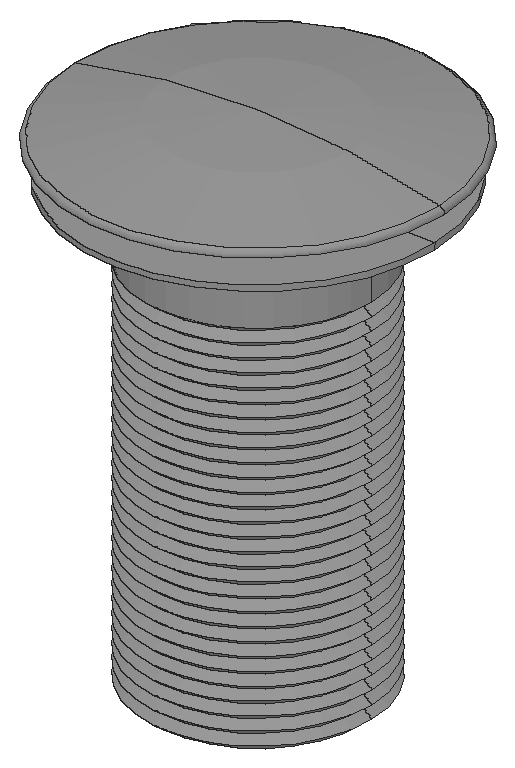
Revit family "BUILDMAT-POPSTEEL-32mm_Pop_Up_Waste-Stainless_Steel", category Plumbing Fixtures, Revit 2026
Family settings
  Round Connector Dimension = Use Diameter
  Part Type = Normal
  Work Plane-Based = Yes
  Enable Cutting in Views = Yes
  Always vertical = Yes
  Cut with Voids When Loaded = Yes
  Maintain Annotation Orientation = No
  Shared = No
  Room Calculation Point = No
Parameters
  Width = 64.987 mm
  PopUp_Material = BUILDMAT Stainless Steel
  MainBody_Material = BUILDMAT Stainless Steel
  Depth = 64.968 mm
  Default Elevation = 1219.2 mm
Reference planes
  plane 1 "Center (Front/Back)": y = 0
  plane 2: z = 0
  plane 3 "Center (Left/Right)": x = 0
  plane 4: z = 1
  plane 5: z = -5
  plane 6: z = -12
  plane 7: z = -78.68
  plane 8: z = 11
  plane 9: x = 32.494
  plane 10: x = -32.494
  plane 11: z = 6
  plane 12: y = 32.484
  plane 13: y = -32.484
Forms (mm)
  Revolve 1, solid, material "BUILDMAT Stainless Steel" <- "MainBody_Material"
    sketch origin (0, 0, -0.397) x (1, 0, 0) y (0, 0, 1)
      loop
        line (0, 1.248) -> (0, -11.603) -> (-19.981, -11.603) -> (-19.981, -3.848)
        arc (-19.981, -3.848) -> (-20.463, -2.811) -> (-21.435, -2.207) r 2
        line (-21.435, -2.207) -> (-30.994, 0.397) -> (-30.994, 1.397) -> (0, 1.397)
      axis (0, 1.397) -> (0, -11.603)
    angle from 0 to 360
  Revolve 2, solid, material "BUILDMAT Stainless Steel" <- "MainBody_Material"
    sketch origin (0, 0, -4.369) x (1, 0, 0) y (0, 0, 1)
      loop
        line (0, -7.631) -> (-19.945, -7.631) -> (-18.457, -8.794) -> (-19.952, -9.962) -> (-18.457, -11.131) -> (-19.952, -12.299) -> (-18.457, -13.467) -> (-19.952, -14.635) -> (-18.457, -15.803) -> (-19.952, -16.971) -> (-18.457, -18.139) -> (-19.952, -19.308) -> (-18.457, -20.476) -> (-19.952, -21.644) -> (-18.457, -22.812) -> (-19.952, -23.98) -> (-18.457, -25.148) -> (-19.952, -26.316) -> (-18.457, -27.485) -> (-19.952, -28.653) -> (-18.457, -29.821) -> (-19.952, -30.989) -> (-18.457, -32.157) -> (-19.952, -33.325) -> (-18.457, -34.493) -> (-19.952, -35.662) -> (-18.457, -36.83) -> (-19.952, -37.998) -> (-18.457, -39.166) -> (-19.952, -40.334) -> (-18.457, -41.502) -> (-19.952, -42.67) -> (-18.457, -43.839) -> (-19.952, -45.007) -> (-18.457, -46.175) -> (-19.952, -47.343) -> (-18.457, -48.511) -> (-19.952, -49.679) -> (-18.457, -50.847) -> (-19.952, -52.016) -> (-18.457, -53.184) -> (-19.952, -54.352) -> (-18.457, -55.52) -> (-19.952, -56.688) -> (-18.457, -57.856) -> (-19.952, -59.024) -> (-18.457, -60.193) -> (-19.952, -61.361) -> (-18.457, -62.529) -> (-19.952, -63.697) -> (-18.457, -64.865) -> (-19.952, -66.033) -> (-18.457, -67.201) -> (-19.952, -68.369) -> (-18.457, -69.538) -> (-19.952, -70.706) -> (-18.457, -71.874) -> (-19.952, -73.042) -> (-18.328, -74.311) -> (0, -74.311) -> (0, -7.631)
      axis (0, -7.631) -> (0, -74.311)
    angle from 0 to 360
  Extrusion 3, solid, material "BUILDMAT Stainless Steel" <- "PopUp_Material"
    sketch origin (0, 0, 0) x (1, 0, 0) y (0, 1, 0)
      loop
        circle (0, 0) r 12.5
    from 1 to 6
  Revolve 4, solid, material "BUILDMAT Stainless Steel" <- "PopUp_Material"
    sketch origin (0, 0, 0) x (1, 0, 0) y (0, 0, 1)
      loop
        arc (0, 11) -> (-15.999, 10.088) -> (-31.753, 7.152) r 126.038
        arc (-31.753, 7.152) -> (-32.348, 6.722) -> (-32.484, 6) r 0.993
        line (-32.484, 6) -> (0, 6) -> (0, 11)
      axis (0, 11) -> (0, 6)
    angle from 0 to 360
Text (mm)
  text "Refer to www.buildmat.com.au for the most current product literature. \nAllow a +/- 5mm tolerance for dimensions shown in the product literature. \nPlease note product details are subject to change due to ongoing product development." at (-1.255, -131.559, 0), in view "Ref. Level"
Dimensions and locks
  plane 4 to plane 7 = 79.68 mm
  plane 8 to plane 11 = 5 mm
  "Depth": plane 12 to plane 13
  equal spacing: plane 12, plane 1 "Center (Front/Back)", plane 13
  "Width": plane 10 to plane 9
  equal spacing: plane 10, plane 3 "Center (Left/Right)", plane 9
  aligned and locked: level to plane 2
Automatic sketch dimensions
  Revolve 1 sketch curve to level = 0 mm
  Revolve 1 sketch curve to plane 4 = 0 mm
  Revolve 1 sketch curve to plane 6 = 0 mm  (x2)
  Revolve 1 sketch curve to plane 3 "Center (Left/Right)" = 0 mm  (x3)
  plane 5 to Revolve 1 sketch curve = 0.755 mm
  plane 10 to Revolve 1 sketch curve = 12.512 mm
  plane 5 to Revolve 1 sketch curve = 2.396 mm
  Revolve 1 sketch curve to Revolve 1 sketch curve = 1.453 mm
  plane 5 to Revolve 1 sketch curve = 0.466 mm
  plane 10 to Revolve 1 sketch curve = 1.5 mm
  Revolve 1 sketch curve to Revolve 1 sketch curve = 0.149 mm
  plane 4 to Revolve 1 sketch curve = 0.245 mm
  Revolve 2 sketch curve to plane 6 = 0 mm
  Revolve 2 sketch curve to plane 7 = 0 mm
  Revolve 2 sketch curve to plane 3 "Center (Left/Right)" = 0 mm  (x2)
  plane 10 to Revolve 2 sketch curve = 14.166 mm
  plane 10 to Revolve 2 sketch curve = 14.037 mm  (x3)
  Revolve 2 sketch curve to Revolve 2 sketch curve = 0 mm  (x25)
  plane 7 to Revolve 2 sketch curve = 4.773 mm
  plane 7 to Revolve 2 sketch curve = 2.437 mm
  Revolve 2 sketch curve to plane 6 = 1.163 mm
  Revolve 2 sketch curve to plane 6 = 3.499 mm
  Revolve 2 sketch curve to plane 6 = 5.836 mm
  Revolve 2 sketch curve to Revolve 2 sketch curve = 1.489 mm
  Revolve 2 sketch curve to Revolve 2 sketch curve = 1.495 mm  (x28)
  Revolve 2 sketch curve to plane 6 = 4.667 mm
  Revolve 2 sketch curve to plane 6 = 2.331 mm
  plane 7 to Revolve 2 sketch curve = 3.605 mm
  plane 7 to Revolve 2 sketch curve = 5.941 mm
  plane 7 to Revolve 2 sketch curve = 1.269 mm
  Revolve 2 sketch curve to Revolve 2 sketch curve = 1.168 mm  (x46)
  Revolve 2 sketch curve to Revolve 2 sketch curve = 0.1 mm
  Revolve 2 sketch curve to Revolve 2 sketch curve = 0.211 mm
  plane 1 "Center (Front/Back)" to Extrusion 3 sketch curve = 0 mm
  Extrusion 3 sketch curve to plane 3 "Center (Left/Right)" = 0 mm
  Revolve 4 sketch curve to plane 11 = 0 mm  (x2)
  Revolve 4 sketch curve to plane 3 "Center (Left/Right)" = 0 mm  (x2)
  Revolve 4 sketch curve to plane 8 = 0 mm  (x2)
  Revolve 4 sketch curve to plane 3 "Center (Left/Right)" = 0.838 mm
  plane 11 to Revolve 4 sketch curve = 0.19 mm
  plane 10 to Revolve 4 sketch curve = 0.984 mm
  plane 10 to Revolve 4 sketch curve = 0.01 mm
  Revolve 4 sketch curve to plane 7 = 36.356 mm
  radius of Extrusion 3 sketch curve = 12.5 mm
